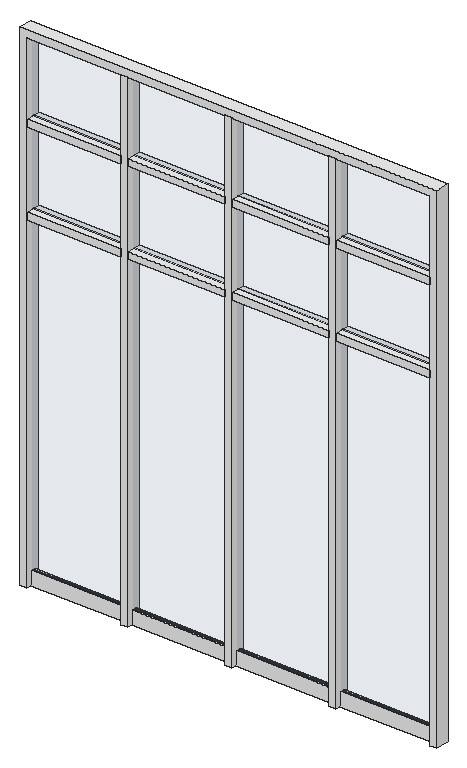
Revit family
Parameters
  Width = 3000 mm
  Height = 3600 mm
  프레임 투영 외부. = 25 mm
  프레임 투영 내부. = 25 mm
  프레임 폭 = 75 mm
  Wall Closure = (empty or 0)
  창 두께 = 100 mm
  창 패널 = SSW3 창 패널
  창 높이 = 2400 mm
  창 프레임 = SSW3 창 프레임
Reference planes
  plane 1: y = 0
  plane 2 "왼쪽": x = -2725
  plane 3 "오른쪽": x = 275
  plane 4: z = 3600
  plane 5 "외부": y = 75
  plane 6 "내부": y = -75
  plane 7: x = -2675
  plane 8: x = 225
  plane 9: y = 50
  plane 10: y = -50
  plane 11: z = 3550
  plane 12: z = 2375
  plane 13: z = 2425
  plane 14: z = 2275
  plane 15: z = 100
  plane 16: y = 6
  plane 17: y = -6
  plane 18: y = 16
  plane 19: y = -16
  plane 20: x = -1225
  plane 21: z = 2400
  plane 22: z = 3000
  plane 23: z = 2975
  plane 24: z = 3025
  plane 25: x = -1250
  plane 26: x = -1200
  plane 27: x = -1975
  plane 28: x = -475
  plane 29: x = -1950
  plane 30: x = -2000
  plane 31: x = -450
  plane 32: x = -500
  plane 33: y = 0
Forms (mm)
  Sweep 1, solid, material "SSW3 창 프레임" <- "창 프레임"
    path origin (0, 75, 0) x (1, 0, 0) y (0, 0, 1)
      loop
        line (275, 0) -> (275, 3600) -> (-2725, 3600) -> (-2725, 0)
    profile origin (275, 75, 1800) x (-1, 0, 0) y (0, -1, 0)
      loop
        line (50, 25) -> (50, 125) -> (0, 125) -> (0, 25) -> (50, 25)
  Extrusion 2, solid, material "SSW3 창 패널" <- "창 패널"
    sketch origin (0, 0, 0) x (1, 0, 0) y (0, 1, 0)
      loop
        line (-2675, 6) -> (-2675, -6) -> (-2000, -6) -> (-2000, 6) -> (-2675, 6)
      loop
        line (-1250, -6) -> (-1250, 6) -> (-1950, 6) -> (-1950, -6) -> (-1250, -6)
      loop
        line (-1200, 6) -> (-1200, -6) -> (-500, -6) -> (-500, 6) -> (-1200, 6)
      loop
        line (225, -6) -> (225, 6) -> (-450, 6) -> (-450, -6) -> (225, -6)
    from 0 to 2375
  Extrusion 3, solid, material "SSW3 창 프레임" <- "창 프레임"
    sketch origin (0, 0, 0) x (1, 0, 0) y (0, 1, 0)
      loop
        line (-2675, 6) -> (-2000, 6) -> (-2000, 16) -> (-2675, 16) -> (-2675, 6)
      loop
        line (-1250, 16) -> (-1950, 16) -> (-1950, 6) -> (-1250, 6) -> (-1250, 16)
      loop
        line (-2675, -16) -> (-2000, -16) -> (-2000, -6) -> (-2675, -6) -> (-2675, -16)
      loop
        line (-1250, -6) -> (-1950, -6) -> (-1950, -16) -> (-1250, -16) -> (-1250, -6)
      loop
        line (-1200, 6) -> (-500, 6) -> (-500, 16) -> (-1200, 16) -> (-1200, 6)
      loop
        line (225, 16) -> (-450, 16) -> (-450, 6) -> (225, 6) -> (225, 16)
      loop
        line (-1200, -16) -> (-500, -16) -> (-500, -6) -> (-1200, -6) -> (-1200, -16)
      loop
        line (225, -6) -> (-450, -6) -> (-450, -16) -> (225, -16) -> (225, -6)
    from 0 to 100
  Extrusion 4, solid, material "SSW3 창 패널" <- "창 패널"
    sketch origin (-2581.693, 300, 2375) x (0, 1, 0) y (1, 0, 0)
      loop
        line (-294, -93.307) -> (-294, 581.693) -> (-306, 581.693) -> (-306, -93.307) -> (-294, -93.307)
      loop
        line (-306, 2806.693) -> (-306, 2131.693) -> (-294, 2131.693) -> (-294, 2806.693) -> (-306, 2806.693)
      loop
        line (-306, 1381.693) -> (-294, 1381.693) -> (-294, 2081.693) -> (-306, 2081.693) -> (-306, 1381.693)
      loop
        line (-294, 1331.693) -> (-306, 1331.693) -> (-306, 631.693) -> (-294, 631.693) -> (-294, 1331.693)
    from -50 to -600
  Extrusion 5, solid, material "SSW3 창 패널" <- "창 패널"
    sketch origin (-2581.693, 300, 2375) x (0, 1, 0) y (1, 0, 0)
      loop
        line (-294, -93.307) -> (-294, 581.693) -> (-306, 581.693) -> (-306, -93.307) -> (-294, -93.307)
      loop
        line (-306, 2806.693) -> (-306, 2131.693) -> (-294, 2131.693) -> (-294, 2806.693) -> (-306, 2806.693)
      loop
        line (-306, 1381.693) -> (-294, 1381.693) -> (-294, 2081.693) -> (-306, 2081.693) -> (-306, 1381.693)
      loop
        line (-294, 1331.693) -> (-306, 1331.693) -> (-306, 631.693) -> (-294, 631.693) -> (-294, 1331.693)
    from -650 to -1175
  Extrusion 6, solid, material "SSW3 창 프레임" <- "창 프레임"
    sketch origin (-2581.693, 300, 2375) x (0, 1, 0) y (1, 0, 0)
      loop
        line (-250, -93.307) -> (-250, 581.693) -> (-350, 581.693) -> (-350, -93.307) -> (-250, -93.307)
      loop
        line (-350, 2806.693) -> (-350, 2131.693) -> (-250, 2131.693) -> (-250, 2806.693) -> (-350, 2806.693)
      loop
        line (-350, 1381.693) -> (-250, 1381.693) -> (-250, 2081.693) -> (-350, 2081.693) -> (-350, 1381.693)
      loop
        line (-250, 1331.693) -> (-350, 1331.693) -> (-350, 631.693) -> (-250, 631.693) -> (-250, 1331.693)
    from 0 to -50
  Extrusion 7, solid, material "SSW3 창 프레임" <- "창 프레임"
    sketch origin (-2581.693, 300, 3000) x (0, 1, 0) y (1, 0, 0)
      loop
        line (-250, -93.307) -> (-250, 581.693) -> (-350, 581.693) -> (-350, -93.307) -> (-250, -93.307)
      loop
        line (-350, 2806.693) -> (-350, 2131.693) -> (-250, 2131.693) -> (-250, 2806.693) -> (-350, 2806.693)
      loop
        line (-350, 1381.693) -> (-250, 1381.693) -> (-250, 2081.693) -> (-350, 2081.693) -> (-350, 1381.693)
      loop
        line (-250, 1331.693) -> (-350, 1331.693) -> (-350, 631.693) -> (-250, 631.693) -> (-250, 1331.693)
    from -25 to 25
  Extrusion 8, solid, material "SSW3 창 프레임" <- "창 프레임"
    sketch origin (-2581.693, 300, 3000) x (0, 1, 0) y (1, 0, 0)
      loop
        line (-250, 1331.693) -> (-250, 1381.693) -> (-350, 1381.693) -> (-350, 1331.693) -> (-250, 1331.693)
      loop
        line (-250, 581.693) -> (-250, 631.693) -> (-350, 631.693) -> (-350, 581.693) -> (-250, 581.693)
      loop
        line (-250, 2081.693) -> (-250, 2131.693) -> (-350, 2131.693) -> (-350, 2081.693) -> (-250, 2081.693)
    from -550 to 3000
Lines and regions (mm)
  Opening 1
    outline origin (-3050, -75, 0) x (1, 0, 0) y (0, 0, 1)
      loop
        line (325, 0) -> (3325, 0) -> (3325, 3600) -> (325, 3600) -> (325, 0)
  symbolic lines
    curve 1: line (-2675, 0, 3000) -> (-2000, 0, 3000)
    curve 2: line (-1950, 0, 3000) -> (-1250, 0, 3000)
    curve 3: line (225, 0, 3000) -> (-450, 0, 3000)
    curve 4: line (-500, 0, 3000) -> (-1200, 0, 3000)
Text (mm)
  text "외부" at (-2295.016, 1099.543, 0), in view "참조 레벨"
  text "외부" at (0, 1615.38, 3698.081), in view "왼쪽"
  text "외부" at (0, 1036.032, 3874.932), in view "오른쪽"
Dimensions and locks
  plane 2 "왼쪽" to plane 3 "오른쪽" = 3000 mm
  "Width": plane 2 "왼쪽" to plane 3 "오른쪽"
  "Height": plane 4 to host wall
  "창 높이": host wall to plane 21
  host wall to plane 4 = 3600 mm
  locked: plane 5 "외부" to host wall at 0
  locked: plane 6 "내부" to host wall
  locked: plane 2 "왼쪽" to plane 7 at 50
  locked: plane 8 to plane 3 "오른쪽" at 50
  "창 두께": plane 9 to plane 10
  locked: plane 11 to plane 4 at 50
  locked: plane 12 to plane 13 at 50
  locked: plane 14 to plane 12 at 100
  locked: level to plane 15 at 100
  plane 16 to host wall to plane 17 = 6 mm locked, 6 mm locked
  locked: plane 17 to plane 19 at 10
  locked: plane 18 to plane 16 at 10
  locked: plane 12 to plane 21 at 25
  equal spacing: plane 21, plane 22, plane 4
  plane 23 to plane 22 to plane 24 = 25 mm locked, 25 mm locked
  plane 25 to plane 20 to plane 26 = 25 mm locked, 25 mm locked
  equal spacing: plane 2 "왼쪽", plane 27, plane 20, plane 28, plane 3 "오른쪽"
  plane 30 to plane 27 to plane 29 = 25 mm locked, 25 mm locked
  plane 32 to plane 28 to plane 31 = 25 mm, 25 mm
  equal spacing: plane 9, plane 1, plane 10
  aligned and locked: plane 2 "왼쪽" to Opening 1 sketch curve
  aligned and locked: plane 4 to Opening 1 sketch curve  (x2)
  aligned and locked: Opening 1 sketch curve to plane 3 "오른쪽"
  aligned and locked: Opening 1 sketch curve to level
  aligned and locked: host wall to plane 1
  aligned and locked: Sweep 1 sketch curve to plane 2 "왼쪽"
  aligned and locked: plane 4 to Sweep 1 sketch curve
  aligned and locked: plane 3 "오른쪽" to Sweep 1 sketch curve
  aligned and locked: plane 8 to Sweep 1 sketch curve
  aligned and locked: Sweep 1 sketch curve to plane 9
  aligned and locked: plane 10 to Sweep 1 sketch curve
  aligned and locked: plane 11 to Sweep 1
  aligned and locked: plane 7 to Extrusion 2 sketch curve
  aligned and locked: Extrusion 2 sketch curve to plane 16  (x2)
  aligned and locked: plane 17 to Extrusion 2 sketch curve  (x2)
  aligned and locked: Extrusion 3 sketch curve to Extrusion 2  (x6)
  aligned and locked: plane 18 to Extrusion 3 sketch curve  (x2)
  aligned and locked: plane 7 to Extrusion 3 sketch curve
  aligned and locked: Extrusion 3 sketch curve to plane 19  (x2)
  aligned and locked: Extrusion 2 to Extrusion 3 sketch curve  (x2)
  aligned and locked: Extrusion 2 to plane 12
  aligned and locked: plane 15 to Extrusion 3
  aligned and locked: Extrusion 2 to Extrusion 4 sketch curve
  aligned and locked: Extrusion 4 sketch curve to Extrusion 2  (x5)
  aligned and locked: Extrusion 5 sketch curve to Extrusion 2  (x3)
  aligned and locked: plane 13 to Extrusion 4
  aligned and locked: Extrusion 5 to Sweep 1
  aligned and locked: Extrusion 6 to plane 13
  aligned and locked: plane 24 to Extrusion 5
  aligned and locked: plane 8 to Extrusion 5 sketch curve
  aligned and locked: Extrusion 7 sketch curve to Sweep 1  (x2)
  aligned and locked: plane 9 to Extrusion 7 sketch curve
  aligned and locked: plane 10 to Extrusion 7 sketch curve
  aligned and locked: Extrusion 7 to Extrusion 5
  aligned and locked: Extrusion 7 to Extrusion 4
  aligned and locked: Extrusion 6 sketch curve to Sweep 1
  aligned and locked: plane 8 to Extrusion 6 sketch curve
  aligned and locked: plane 25 to Extrusion 8 sketch curve
  aligned and locked: plane 9 to Extrusion 8 sketch curve  (x3)
  aligned and locked: plane 10 to Extrusion 8 sketch curve  (x3)
  aligned and locked: Extrusion 8 sketch curve to plane 26
  aligned and locked: Extrusion 8 to level
  aligned and locked: Extrusion 8 to Sweep 1
  aligned and locked: plane 25 to Extrusion 2 sketch curve
  aligned and locked: plane 8 to Extrusion 2 sketch curve
  aligned and locked: Extrusion 2 sketch curve to plane 26
  aligned and locked: Extrusion 3 sketch curve to plane 25
  aligned and locked: Extrusion 3 sketch curve to Extrusion 3 sketch curve
  aligned and locked: Extrusion 3 sketch curve to plane 8
  aligned and locked: plane 26 to Extrusion 3 sketch curve
  aligned and locked: Extrusion 7 sketch curve to Extrusion 8
  aligned and locked: Extrusion 7 sketch curve to plane 26
  aligned and locked: Extrusion 5 sketch curve to plane 7
  aligned and locked: Extrusion 5 sketch curve to Extrusion 5 sketch curve
  aligned and locked: plane 30 to Extrusion 8 sketch curve
  aligned and locked: Extrusion 8 sketch curve to plane 29
  aligned and locked: plane 32 to Extrusion 8 sketch curve
  aligned and locked: Extrusion 8 sketch curve to plane 31
  aligned and locked: Extrusion 3 sketch curve to plane 30
  aligned and locked: plane 29 to Extrusion 3 sketch curve
  aligned and locked: Extrusion 3 sketch curve to plane 31
  aligned and locked: Extrusion 3 sketch curve to plane 32
  aligned and locked: Extrusion 2 sketch curve to Extrusion 2 sketch curve
  aligned and locked: Extrusion 4 sketch curve to Extrusion 4 sketch curve
  aligned and locked: plane 23 to Extrusion 7
  aligned and locked: plane 8 to Extrusion 4 sketch curve
  aligned and locked: curve 1 to plane 1
  aligned and locked: host wall to curve 2
  aligned and locked: plane 1 to curve 3
  aligned and locked: plane 1 to plane 33
  aligned: plane 32 to curve 4
  aligned and locked: curve 4 to plane 33
Automatic sketch dimensions
  Sweep 1 sketch curve to level = 0 mm  (x2)
  Extrusion 6 sketch curve to plane 9 = 0 mm  (x4)
  Extrusion 6 sketch curve to plane 26 = 0 mm
  Extrusion 6 sketch curve to plane 25 = 0 mm
  Extrusion 6 sketch curve to plane 10 = 0 mm  (x4)
  Extrusion 5 sketch curve to plane 16 = 0 mm  (x4)
  Extrusion 5 sketch curve to plane 17 = 0 mm  (x2)
  Extrusion 3 sketch curve to plane 16 = 0 mm  (x2)
  Extrusion 3 sketch curve to plane 31 = 0 mm
  Extrusion 3 sketch curve to plane 19 = 0 mm  (x2)
  Extrusion 3 sketch curve to plane 18 = 0 mm  (x2)
  Extrusion 3 sketch curve to plane 32 = 0 mm
  Extrusion 3 sketch curve to plane 29 = 0 mm
  Extrusion 3 sketch curve to plane 17 = 0 mm
  Extrusion 3 sketch curve to plane 30 = 0 mm
  Extrusion 2 sketch curve to plane 30 = 0 mm
  Extrusion 2 sketch curve to plane 16 = 0 mm  (x2)
  Extrusion 2 sketch curve to plane 29 = 0 mm
  Extrusion 2 sketch curve to plane 32 = 0 mm
  Extrusion 2 sketch curve to plane 31 = 0 mm
  Extrusion 2 sketch curve to plane 17 = 0 mm
  Extrusion 6 sketch curve to plane 30 = 0 mm
  Extrusion 6 sketch curve to plane 32 = 0 mm
  Extrusion 6 sketch curve to plane 31 = 0 mm
  Extrusion 6 sketch curve to plane 29 = 0 mm
  Extrusion 4 sketch curve to plane 17 = 0 mm  (x2)
  Extrusion 4 sketch curve to plane 16 = 0 mm  (x3)
  Extrusion 4 sketch curve to plane 31 = 0 mm
  Extrusion 4 sketch curve to plane 32 = 0 mm
  Extrusion 4 sketch curve to plane 30 = 0 mm
  Extrusion 5 sketch curve to plane 32 = 0 mm
  Extrusion 5 sketch curve to plane 30 = 0 mm
  Extrusion 5 sketch curve to plane 29 = 0 mm
  Extrusion 5 sketch curve to plane 31 = 0 mm
  Extrusion 7 sketch curve to plane 32 = 0 mm
  Extrusion 7 sketch curve to plane 9 = 0 mm  (x3)
  Extrusion 7 sketch curve to plane 30 = 0 mm
  Extrusion 7 sketch curve to plane 10 = 0 mm  (x3)
  Extrusion 7 sketch curve to plane 29 = 0 mm
  Extrusion 7 sketch curve to plane 31 = 0 mm
  curve 3 to plane 8 = 0 mm
  curve 3 to plane 31 = 0 mm
  curve 4 to plane 32 = 0 mm
  curve 4 to plane 26 = 0 mm
  curve 2 to plane 25 = 0 mm
  curve 2 to plane 29 = 0 mm
  curve 1 to plane 30 = 0 mm
  curve 1 to plane 7 = 0 mm
